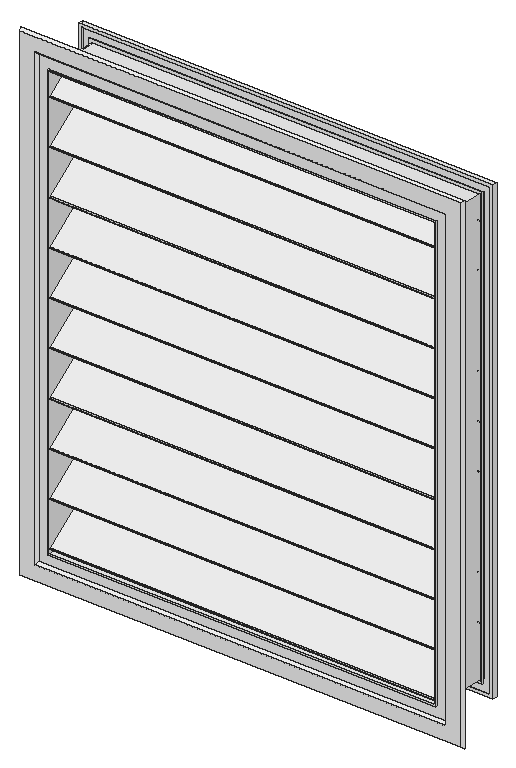
Revit family
Parameters (values of type "OHL-F-124")
  URL = "http://www.productspec.net/products/18506/holyoake-industries-ltd/large-blade-outside-horizontal-louvers-ohl-124.aspx"
  Type Comments = "124mm Horizontal Curved Profile Louvers in Flanged Surround"
  Technical Data = "http://www.collate.co.nz/nas/TechnicalFiles/2367/p18505/F1-F2%20OHL102%20124.pdf"
  Ownership = "Holyoake Industries Limited"
  Overall Opening = Exact Neck Height - 47.00 mm  # 733.00 mm
  Overall Depth = 38.30 mm
  Nominal Width = 706.00 mm
  Nominal Height = 786.00 mm
  Model = "OHL-F-124"
  Manufacturer = "Holyoake Industries Limited"
  Keynote = ""
  Flange Width = 25.40 mm
  Louver Depth = 106.35 mm
  Exact Overall Flange Height = Nominal Height + 44.80 mm  # 830.80 mm
  Exact Overall Flange Width = Nominal Width + 44.80 mm  # 750.80 mm
  Exact Neck Width = Nominal Width - 6.00 mm  # 700.00 mm
  Exact Neck Height = Nominal Height - 6.00 mm  # 780.00 mm
  Description = "Holyoake Outside Horizontal Louvre"
  Created By = "Productspec Limited"
  Frame & Blades = Aluminium
  Top Blade Height = Overall Opening - Blade Cut Setout  # 47.20 mm
  Connector Width = Exact Neck Width - 71.00 mm  # 629.00 mm
  Connector Height = Exact Neck Height - 71.00 mm  # 709.00 mm
  Blade Width = 97.10 mm
  Blade Pitch = 76.20 mm
  Blade Offset = (Louver Depth - Blade Width) / 2  # 4.625 mm
  Blade Length = Exact Neck Width - 47.00 mm  # 653.00 mm
  Blade Height = 89.80 mm
  Blade Cut Setout = Blade Count * Blade Pitch  # 685.80 mm
  Blade Count = Blade Array Count - 1  # 9
  Blade Array Count = Overall Opening / Blade Pitch  # 9.6194
  Author = "Zinder Zhao"
  Assembly Code = ""
  Accessories = "Aluminium Bird mesh or insect mesh (fibreglass)"
Reference planes
  plane 1 "Flange Origin": y = 0
  plane 2: z = 23.5
  plane 3 "Center (Left/Right)": x = -20.2
  plane 4: y = 101.3
  plane 5: z = 99.7
  plane 6: x = -373.2
  plane 7: x = 329.8
  plane 8: x = -395.6
  plane 9: x = 332.8
  plane 10: x = -370.2
  plane 11: z = 805.4
  plane 12 "Overall Opening": z = 756.5
  plane 13: z = 783
  plane 14: z = 390
  plane 15: z = 113.3
  plane 16 "Cut Blade Setout": z = 709.3
  plane 17 "Center (Front/Back)": y = -5.05
  plane 18: x = 355.2
  plane 19: z = -25.4
  plane 20: z = 0
  plane 21 "Blade Offset": y = -0.425
  plane 22: y = 96.675
  plane 23: z = -3
  plane 24: z = 744.5
  plane 25: z = 35.5
  plane 26: x = -334.7
  plane 27: x = 294.3
  plane 28: x = -346.7
  plane 29: x = 306.3
  plane 30: z = 780
Forms (mm)
  Sweep 1, solid, material "Aluminium" <- "Frame & Blades", detail levels fine
    path origin (0, 0, 0) x (1, 0, 0) y (0, 0, 1)
      loop
        line (306.3, 23.5) -> (306.3, 756.5) -> (-346.7, 756.5) -> (-346.7, 23.5) -> (306.3, 23.5)
    profile "Holyoake_OutsideLouvre_OHL-102_Flange_profile : OHL-102 Flange Profile" origin (306.3, 0, 390) x (-1, 0, 0) y (0, -1, 0)
      loop
        line (12, -101.3) -> (12, -99.9) -> (0, -99.9) -> (0, 1.9) -> (-1.4, 1.9) -> (-1.4, 0) -> (-17.713, 0) -> (-21.95, 5.05) -> (-45.984, 5.05) -> (-48.9, 0) -> (-45.984, 0) -> (-42.484, 3.5) -> (-24.566, 3.5) -> (-23.5, 2.23) -> (-23.5, -8.2) -> (-18.8, -8.2) -> (-18.8, -6.9) -> (-21.95, -6.9) -> (-21.95, -1.3) -> (-2.95, -1.3) -> (-2.95, -6.9) -> (-6.1, -6.9) -> (-6.1, -8.2) -> (-1.4, -8.2) -> (-1.4, -91.2) -> (-6.1, -91.2) -> (-6.1, -92.5) -> (-2.95, -92.5) -> (-2.95, -98.1) -> (-21.95, -98.1) -> (-21.95, -92.5) -> (-18.8, -92.5) -> (-18.8, -91.2) -> (-23.5, -91.2) -> (-23.5, -99.4) -> (-1.4, -99.4) -> (-1.4, -101.3) -> (12, -101.3)
  Extrusion 2, solid, material "Aluminium" <- "Frame & Blades", detail levels coarse+medium
    sketch origin (0, 0, 0) x (1, 0, 0) y (0, 1, 0)
      loop
        line (-370.2, 101.3) -> (-370.2, -5.05) -> (329.8, -5.05) -> (329.8, 101.3) -> (-370.2, 101.3)
    from 0 to 780
Dimensions and locks
  equal spacing: group 1, group 2, group 3, group 4, group 5, group 6, group 7, group 8, group 9  (x3)
  "Blade Pitch": plane 5 to plane 2
  "Louver Depth": plane 4 to plane 17 "Center (Front/Back)"
  "Blade Offset": plane 21 "Blade Offset" to plane 17 "Center (Front/Back)"
  "Blade Width": plane 22 to plane 21 "Blade Offset"
  equal spacing: plane 10, plane 3 "Center (Left/Right)", plane 7
  "Exact Neck Width": plane 10 to plane 7
  "Nominal Width": plane 6 to plane 9
  "Exact Overall Flange Width": plane 8 to plane 18
  locked: plane 6 to plane 10 at 3
  "Connector Height": plane 25 to plane 24
  "Connector Width": plane 26 to plane 27
  "Blade Length": plane 28 to plane 29
  locked: plane 28 to plane 26 at 12
  plane 10 to plane 28 = 23.50 mm
  "Blade Height": plane 15 to plane 2
  "Flange Width": plane 8 to plane 10
  equal spacing: plane 30, plane 14, plane 20
  "Exact Neck Height": plane 30 to plane 20
  "Nominal Height": plane 13 to plane 23
  "Exact Overall Flange Height": plane 11 to plane 19
  "Blade Cut Setout": plane 16 "Cut Blade Setout" to plane 2
  locked: plane 13 to plane 30 at 3
  "Flange Width": plane 11 to plane 30
  "Overall Opening": plane 12 "Overall Opening" to plane 2
  locked: plane 30 to plane 12 "Overall Opening" at 23.5
  locked: plane 12 "Overall Opening" to plane 24 at 12
  aligned and locked: Sweep 1 sketch curve to plane 2
  aligned and locked: Sweep 1 to plane 17 "Center (Front/Back)"  (x2)
  aligned and locked: plane 21 "Blade Offset" to nested 3  (x2)
  aligned and locked: plane 2 to Sweep 1
  aligned and locked: Sweep 1 to plane 1 "Flange Origin"
  aligned and locked: Sweep 1 to plane 2  (x2)
  aligned and locked: plane 27 to Sweep 1
  aligned and locked: Sweep 1 to plane 26
  aligned and locked: nested 1 to plane 2
  aligned and locked: nested 2 to plane 5  (x2)
  aligned and locked: plane 15 to nested 1
  aligned and locked: nested 1 to plane 21 "Blade Offset"
  aligned and locked: plane 22 to nested 1
  aligned and locked: plane 22 to nested 2
  aligned and locked: plane 22 to nested 4
  aligned and locked: plane 22 to nested 5
  aligned and locked: nested 2 to plane 21 "Blade Offset"
  aligned and locked: nested 4 to plane 21 "Blade Offset"
  aligned and locked: nested 5 to plane 21 "Blade Offset"
  aligned and locked: nested 3 to plane 16 "Cut Blade Setout"
  aligned and locked: plane 28 to nested 1
  aligned and locked: plane 29 to nested 1
  aligned and locked: nested 3 to plane 28  (x2)
  aligned and locked: nested 3 to plane 29  (x2)
  aligned and locked: plane 10 to Extrusion 2 sketch curve
  aligned and locked: Extrusion 2 sketch curve to plane 4
  aligned and locked: plane 17 "Center (Front/Back)" to Extrusion 2 sketch curve
  aligned and locked: Extrusion 2 sketch curve to plane 7
  aligned and locked: Extrusion 2 to level
  aligned and locked: level to plane 20
  aligned and locked: Sweep 1 sketch curve to plane 12 "Overall Opening"
  aligned and locked: Sweep 1 sketch curve to plane 28
  aligned and locked: plane 29 to Sweep 1 sketch curve
  aligned and locked: Extrusion 2 to plane 20
  aligned and locked: plane 30 to Extrusion 2
Nested families
  nested 1: "Holyoake_OutsideLouvre_OHL-124_Blade" at (-20.2, -0.425, 23.5), type "OHL-124 Blade"
    with Length 653.00 mm
  nested 2: "Holyoake_OutsideLouvre_OHL-124_Blade" at (-20.2, -0.425, 99.7), type "OHL-124 Blade"
    with Length 653.00 mm
  nested 3: "Holyoake_OutsideLouvre_OHL-124_BladeCutted" at (-20.2, -0.425, 709.3), type "OHL-124 Blade Cutted"
    with Length 653.00 mm, Blade Cut Setout 47.20 mm
  nested 4: "Holyoake_OutsideLouvre_OHL-124_Blade" at (-20.2, -0.425, 175.9), type "OHL-124 Blade"
    with Length 653.00 mm
  nested 5: "Holyoake_OutsideLouvre_OHL-124_Blade" at (-20.2, -0.425, 252.1), type "OHL-124 Blade"
    with Length 653.00 mm
  nested 6: "Holyoake_OutsideLouvre_OHL-124_Blade" at (-20.2, -0.425, 328.3), type "OHL-124 Blade"
    with Length 653.00 mm
  nested 7: "Holyoake_OutsideLouvre_OHL-124_Blade" at (-20.2, -0.425, 404.5), type "OHL-124 Blade"
    with Length 653.00 mm
  nested 8: "Holyoake_OutsideLouvre_OHL-124_Blade" at (-20.2, -0.425, 480.7), type "OHL-124 Blade"
    with Length 653.00 mm
  nested 9: "Holyoake_OutsideLouvre_OHL-124_Blade" at (-20.2, -0.425, 556.9), type "OHL-124 Blade"
    with Length 653.00 mm
  nested 10: "Holyoake_OutsideLouvre_OHL-124_Blade" at (-20.2, -0.425, 633.1), type "OHL-124 Blade"
    with Length 653.00 mm
Connectors
  hvac at (-20.2, 101.3, 390), driven by "Connector Height", driven by "Connector Width"
    settings: on Sweep 1, index 1
Definition of nested family "Holyoake_OutsideLouvre_OHL-124_Blade"
  Parameters (values of type "OHL-124 Blade")
    Width = 97.10 mm
    URL = "http://www.productspec.net/products/18506/holyoake-industries-ltd/large-blade-outside-horizontal-louvers-ohl-124.aspx"
    Type Comments = "Outside Louvre Blade"
    Ownership = "Holyoake Industries Ltd"
    Model = "OHL-124"
    Manufacturer = "Holyoake Industries Ltd"
    Length = 688.00 mm
    Height = 89.80 mm
    Created By = "Productspec Ltd"
    Blade = Aluminium
    Author = "Zinder Zhao"
    Assembly Code = ""
  Reference planes
    plane 1 "Center (Front/Back)": y = 0
    plane 2: z = 0
    plane 3 "Center (Left/Right)": x = 0
    plane 4: x = -344
    plane 5: x = 344
    plane 6: y = 97.1
    plane 7: z = 89.8
  Forms (mm)
    Sweep 1, solid, material "Aluminium" <- "Blade", detail levels fine
      path origin (0, 0, 0) x (1, 0, 0) y (0, 1, 0)
        loop
          line (-344, 0) -> (344, 0)
      profile "Holyoake_OutsideLouvre_OHL-124_Blade_profile : OHL-124 Blade Profile" origin (0, 0, 0) x (0, 1, 0) y (0, 0, 1)
        loop
          line (8.511, 0) -> (11.135, 0) -> (1.343, 7.533) -> (97.1, 80.796) -> (97.1, 82.744) -> (87.928, 89.8) -> (85.304, 89.8) -> (95.725, 81.783) -> (0, 8.52) -> (0, 6.547) -> (8.511, 0)
  Dimensions and locks
    "Height": plane 7 to plane 2
    "Width": plane 6 to plane 1 "Center (Front/Back)"
    equal spacing: plane 4, plane 3 "Center (Left/Right)", plane 5
    "Length": plane 4 to plane 5
    aligned and locked: plane 1 "Center (Front/Back)" to Sweep 1 sketch curve
  Automatic sketch dimensions
    Sweep 1 sketch curve to plane 4 = 0.00 mm
    Sweep 1 sketch curve to plane 5 = 0.00 mm
Definition of nested family "Holyoake_OutsideLouvre_OHL-124_BladeCutted"
  Parameters (values of type "OHL-124 Blade Cutted")
    Width = 97.10 mm
    URL = "http://www.productspec.net/products/18506/holyoake-industries-ltd/large-blade-outside-horizontal-louvers-ohl-124.aspx"
    Type Comments = "Outside Louvre Blade Cutted"
    Ownership = "Holyoake Industries Ltd"
    Model = "OHL-124"
    Manufacturer = "Holyoake Industries Ltd"
    Length = 688.00 mm
    Height = 89.80 mm
    Created By = "Productspec Ltd"
    Blade Cut Setout = 67.20 mm
    Blade = Aluminium
    Author = "Zinder Zhao"
    Assembly Code = ""
  Reference planes
    plane 1 "Center (Front/Back)": y = 0
    plane 2: z = 0
    plane 3 "Center (Left/Right)": x = 0
    plane 4 "Left": x = -344
    plane 5 "Right": x = 344
    plane 6: y = 97.1
    plane 7: z = 89.8
    plane 8: z = 67.2
  Forms (mm)
    Sweep 1, solid, material "Aluminium" <- "Blade", detail levels fine
      path origin (0, 0, 0) x (1, 0, 0) y (0, 1, 0)
        loop
          line (-344, 0) -> (344, 0)
      profile "Holyoake_OutsideLouvre_OHL-124_Blade_profile : OHL-124 Blade Profile" origin (0, 0, 0) x (0, 1, 0) y (0, 0, 1)
        loop
          line (8.511, 0) -> (11.135, 0) -> (1.343, 7.533) -> (97.1, 80.796) -> (97.1, 82.744) -> (87.928, 89.8) -> (85.304, 89.8) -> (95.725, 81.783) -> (0, 8.52) -> (0, 6.547) -> (8.511, 0)
    Extrusion 2, void
      sketch origin (-344, 0, 0) x (0, 1, 0) y (0, 0, 1)
        loop
          line (97.1, 67.2) -> (97.1, 126.485) -> (0, 126.485) -> (0, 67.2) -> (97.1, 67.2)
      from 0 to 688
  Cuts and joins
    Extrusion 2 cuts Sweep 1
  Dimensions and locks
    "Height": plane 7 to plane 2
    "Width": plane 6 to plane 1 "Center (Front/Back)"
    equal spacing: plane 4 "Left", plane 3 "Center (Left/Right)", plane 5 "Right"
    "Length": plane 4 "Left" to plane 5 "Right"
    "Blade Cut Setout": plane 8 to plane 2
    aligned and locked: plane 1 "Center (Front/Back)" to Sweep 1 sketch curve
    aligned and locked: plane 6 to Extrusion 2 sketch curve
    aligned and locked: Extrusion 2 sketch curve to plane 1 "Center (Front/Back)"
    aligned and locked: cut or joined group of Sweep 1, Extrusion 2 to plane 8
    aligned and locked: plane 4 "Left" to cut or joined group of Sweep 1, Extrusion 2
    aligned and locked: plane 5 "Right" to cut or joined group of Sweep 1, Extrusion 2
    aligned and locked: plane 5 "Right" to Extrusion 2
    aligned and locked: Extrusion 2 to plane 4 "Left"
  Automatic sketch dimensions
    Sweep 1 sketch curve to plane 4 "Left" = 0.00 mm
    Sweep 1 sketch curve to plane 5 "Right" = 0.00 mm
    Extrusion 2 sketch curve to plane 7 = 22.60 mm
    plane 7 to Extrusion 2 sketch curve = 36.685 mm
